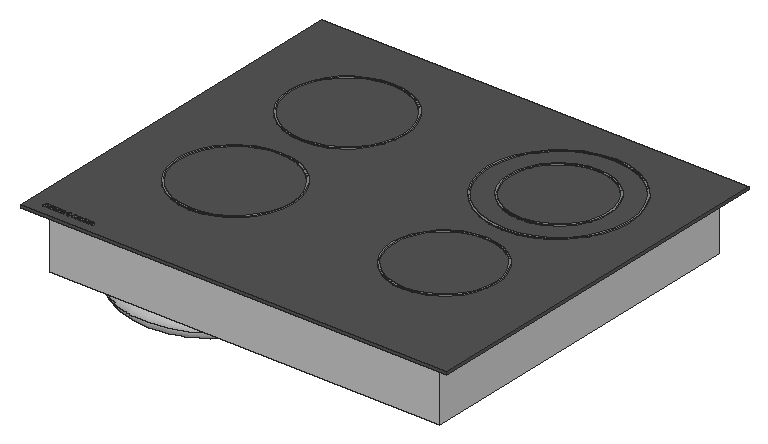
Revit family "FP_Revit_18_CE244DTB1_Cooktop_90000823A", category Specialty Equipment, Revit 2018
Family settings
  Round Connector Dimension = Use Diameter
  Part Type = Normal
  OmniClass Number = 23.40.40.14.17.11
  OmniClass Title = Cookers, Ovens, Stoves
  Work Plane-Based = No
  Always vertical = Yes
  Cut with Voids When Loaded = Yes
  Shared = No
  Room Calculation Point = No
Parameters
  Visibility - Clearance Required = yes
  URL = "www.fisherpaykel.com"
  Product - Width = 600 mm  # constant formula
  Product - Height = 115 mm  # constant formula
  Product - Depth = 530 mm  # constant formula
  Model = "CE244DTB1"
  Material - Graphics = Fisher & Paykel - Graphics Grey
  Material - Cooktop = Fisher & Paykel - Glass, Black
  Material - Body = Fisher & Paykel - Grey
  Manufacturer = "Fisher & Paykel Appliances"
  FFL Offset [instance] = 915 mm
  Description = "24\" Electric Cooktop"
  Connector Note - Electrical = "208 or 240 V, 60 Hz, 22 A or 25 A"
  Clearance - Side Combustible = 55 mm  # constant formula
  Clearance - Rear Combustible = 55 mm  # constant formula
  Clearance - Overhead Rangehood = 650 mm  # constant formula
  Clearance - Overhead Non-Combustible = 610 mm  # constant formula
  Clearance - Overhead Combustible = 762 mm  # constant formula
  Clearance - Below = 115 mm  # constant formula
  Chassis - Width = 549 mm  # constant formula
  Chassis - Height = 79.5 mm  # constant formula
  Chassis - Depth = 490 mm  # constant formula
  Cavity - Width = 555 mm  # constant formula
  Cavity - Height = 110 mm  # constant formula
  Cavity - Depth = 495 mm  # constant formula
Reference planes
  plane 1 "Datum": y = 0
  plane 2: z = 0
  plane 3 "Center (Left/Right)": x = 0
  plane 4 "Product LHS": x = -300
  plane 5 "Product RHS": x = 300
  plane 6 "Product - Depth": y = 530
  plane 7 "Cavity LHS": x = -277.5
  plane 8 "Cavity RHS": x = 277.5
  plane 9 "Chassis - Front": y = 20
  plane 10 "Cavity - Front": y = 17.5
  plane 11 "Cavity - Depth": y = 512.5
  plane 12 "Chassis - Depth": y = 510
  plane 13 "Glass": z = 920
  plane 14 "Countertop": z = 915
  plane 15 "Basepan": z = 835.5
Forms (mm)
  Extrusion 1, solid, material "Fisher & Paykel - Glass, Black" <- "Material - Cooktop"
    sketch origin (0, 0, 0) x (0, 1, 0) y (0, 0, 1)
      loop
        line (0, 920) -> (0, 916) -> (530, 916) -> (530, 920) -> (0, 920)
    from -300 to 300
  Extrusion 2, solid, material "Fisher & Paykel - Clearance Required (Cutout)", visible <- "Visibility - Clearance Required", detail levels coarse
    sketch origin (0, 0, 0) x (1, 0, 0) y (0, 1, 0)
      loop
        line (-277.5, 512.5) -> (-277.5, 17.5) -> (277.5, 17.5) -> (277.5, 512.5) -> (-277.5, 512.5)
    from 805 to 915
  Extrusion 3, solid, material "Fisher & Paykel - Clearance Required (Combustible)", visible <- "Visibility - Clearance Required", detail levels coarse
    sketch origin (0, 0, 0) x (1, 0, 0) y (0, 1, 0)
      loop
        line (300, 0) -> (332.5, 0) -> (332.5, 538.387) -> (-332.5, 538.387) -> (-332.5, 0) -> (-300, 0) -> (-300, 530) -> (300, 530) -> (300, 0)
    from 920 to 1375
  Extrusion 4, solid, material "Fisher & Paykel - Clearance Required (Non-Combustible)", visible <- "Visibility - Clearance Required", detail levels coarse
    sketch origin (0, 0, 0) x (1, 0, 0) y (0, 1, 0)
      loop
        line (-300, 0) -> (300, 0) -> (300, 530) -> (-300, 530) -> (-300, 0)
    from 920 to 1530
  Extrusion 5, solid, material "Fisher & Paykel - Clearance Required (Rangehood)", visible <- "Visibility - Clearance Required", detail levels coarse
    sketch origin (0, 0, 0) x (1, 0, 0) y (0, 1, 0)
      loop
        line (-300, 530) -> (-300, 0) -> (300, 0) -> (300, 530) -> (-300, 530)
    from 1530 to 1682
  Extrusion 6, solid, material "Fisher & Paykel - Grey" <- "Material - Body"
    sketch origin (0, 0, 0) x (0, 1, 0) y (0, 0, 1)
      loop
        line (20, 835.5) -> (510, 835.5) -> (510, 915) -> (20, 915) -> (20, 835.5)
    from -274.5 to 274.5
  Extrusion 7, solid, material "Fisher & Paykel - Grey" <- "Material - Body"
    sketch origin (0, 0, 0) x (1, 0, 0) y (0, 1, 0)
      loop
        line (-290.5, 524.5) -> (-290.5, 5.5) -> (290.5, 5.5) -> (290.5, 524.5) -> (-290.5, 524.5)
    from 915 to 916
  Extrusion 8, solid, material "Fisher & Paykel - Graphics Grey" <- "Material - Graphics", detail levels fine
    sketch origin (0, 0, 0) x (1, 0, 0) y (0, 1, 0)
      loop
        circle (145.763, 188.02) r 73.269
      loop
        circle (145.763, 188.02) r 71.492
      loop
        circle (148.196, 386.629) r 99.946
      loop
        circle (148.196, 386.629) r 97.887
      loop
        circle (148.196, 386.629) r 68.003
      loop
        circle (148.196, 386.629) r 70.147
      loop
        circle (-148.106, 385.013) r 79
      loop
        circle (-148.106, 385.013) r 80.775
      loop
        circle (-148.095, 188.01) r 80.784
      loop
        circle (-148.095, 188.01) r 79
    from 920 to 921
  Extrusion 9, solid, material "Fisher & Paykel - Clearance Required", detail levels coarse
    sketch origin (0, 0, 0) x (1, 0, 0) y (0, 1, 0)
      loop
        line (-277.5, 17.5) -> (277.5, 17.5) -> (277.5, 512.5) -> (-277.5, 512.5) -> (-277.5, 17.5)
    from 800 to 805
  Extrusion 10, void
    sketch origin (0, 0, 0) x (1, 0, 0) y (0, 1, 0)
      loop
        line (-277.5, 512.5) -> (-277.5, 17.5) -> (277.5, 17.5) -> (277.5, 512.5) -> (-277.5, 512.5)
    from 805 to 915
Text (mm)
  text "Due to ongoing product development, product details are subject to change without notice. \nPlease always refer to www.fisherpaykel.com for the most current product information. \n© Fisher & Paykel 2020" at (41.04, -387.478, 0), in view "Ref. Level (Plan)"
Dimensions and locks
  equal spacing: plane 4 "Product LHS", plane 3 "Center (Left/Right)", plane 5 "Product RHS"
  equal spacing: plane 7 "Cavity LHS", plane 3 "Center (Left/Right)", plane 8 "Cavity RHS"
  "Product - Depth": Extrusion 1 to plane 1 "Datum"
  equal spacing: Extrusion 6, plane 3 "Center (Left/Right)", Extrusion 6
  "Clearance - Side Combustible": plane 8 "Cavity RHS" to Extrusion 3
  "Clearance - Side Combustible": Extrusion 3 to plane 7 "Cavity LHS"
  equal spacing: Extrusion 7 sketch curve, plane 3 "Center (Left/Right)", Extrusion 7 sketch curve
  plane 4 "Product LHS" to Extrusion 7 sketch curve = 9.5 mm
  "Product - Width": plane 4 "Product LHS" to plane 5 "Product RHS"
  "Cavity - Width": plane 7 "Cavity LHS" to plane 8 "Cavity RHS"
  "Chassis - Width": Extrusion 6 to Extrusion 6
  plane 1 "Datum" to plane 9 "Chassis - Front" = 20 mm
  plane 6 "Product - Depth" to plane 12 "Chassis - Depth" = 20 mm
  "Cavity - Depth": plane 11 "Cavity - Depth" to plane 10 "Cavity - Front"
  "Chassis - Depth": plane 12 "Chassis - Depth" to plane 9 "Chassis - Front"
  locked: plane 10 "Cavity - Front" to plane 9 "Chassis - Front" at 2.5
  "Chassis - Height": plane 14 "Countertop" to plane 15 "Basepan"
  plane 13 "Glass" to plane 14 "Countertop" = 5 mm
  "FFL Offset": plane 14 "Countertop" to level
  locked: Extrusion 3 to plane 13 "Glass" at 455
  "Clearance - Overhead Non-Combustible": Extrusion 5 to plane 13 "Glass"
  "Clearance - Overhead Combustible": Extrusion 5 to plane 13 "Glass"
  "Cavity - Height": plane 14 "Countertop" to Extrusion 9
  "Clearance - Below": plane 14 "Countertop" to Extrusion 9
  locked: nested 2 to plane 15 "Basepan" at 1.496
  locked: plane 13 "Glass" to Extrusion 1 sketch curve at 4
  locked: Extrusion 8 to plane 13 "Glass" at 1
  locked: nested 1 to plane 13 "Glass" at 0.8
  aligned and locked: level to plane 2
  aligned and locked: Extrusion 1 to plane 5 "Product RHS"
  aligned and locked: plane 4 "Product LHS" to Extrusion 1
  aligned and locked: Extrusion 5 to Extrusion 4
  aligned and locked: Extrusion 3 sketch curve to plane 5 "Product RHS"
  aligned and locked: plane 11 "Cavity - Depth" to Extrusion 2
  aligned and locked: Extrusion 4 to plane 13 "Glass"
  aligned and locked: Extrusion 3 to Extrusion 4
  aligned and locked: plane 14 "Countertop" to Extrusion 2
  aligned and locked: Extrusion 9 to Extrusion 2
  aligned and locked: plane 14 "Countertop" to Extrusion 6 sketch curve
  aligned and locked: Extrusion 6 sketch curve to plane 15 "Basepan"
  aligned and locked: Extrusion 1 sketch curve to plane 13 "Glass"
  aligned and locked: Extrusion 7 to Extrusion 1
  aligned and locked: Extrusion 7 to Extrusion 2
  aligned and locked: Extrusion 8 to Extrusion 1
  aligned and locked: Extrusion 10 to Extrusion 2  (x2)
Automatic sketch dimensions
  Extrusion 1 sketch curve to plane 1 "Datum" = 0 mm
  Extrusion 1 sketch curve to plane 6 "Product - Depth" = 0 mm
  plane 10 "Cavity - Front" to Extrusion 2 sketch curve = 0 mm
  Extrusion 2 sketch curve to plane 11 "Cavity - Depth" = 0 mm
  plane 7 "Cavity LHS" to Extrusion 2 sketch curve = 0 mm
  Extrusion 2 sketch curve to plane 8 "Cavity RHS" = 0 mm
  plane 1 "Datum" to Extrusion 3 sketch curve = 0 mm  (x2)
  Extrusion 3 sketch curve to plane 4 "Product LHS" = 0 mm
  Extrusion 3 sketch curve to plane 6 "Product - Depth" = 0 mm
  plane 6 "Product - Depth" to Extrusion 3 sketch curve = 8.387 mm
  plane 4 "Product LHS" to Extrusion 3 sketch curve = 32.5 mm
  Extrusion 3 sketch curve to plane 5 "Product RHS" = 32.5 mm
  Extrusion 4 sketch curve to plane 4 "Product LHS" = 0 mm
  Extrusion 4 sketch curve to plane 5 "Product RHS" = 0 mm
  plane 1 "Datum" to Extrusion 4 sketch curve = 0 mm
  Extrusion 4 sketch curve to plane 6 "Product - Depth" = 0 mm
  plane 1 "Datum" to Extrusion 5 sketch curve = 0 mm
  Extrusion 5 sketch curve to plane 4 "Product LHS" = 0 mm
  Extrusion 5 sketch curve to plane 5 "Product RHS" = 0 mm
  Extrusion 5 sketch curve to plane 6 "Product - Depth" = 0 mm
  Extrusion 6 sketch curve to plane 9 "Chassis - Front" = 0 mm
  Extrusion 6 sketch curve to plane 12 "Chassis - Depth" = 0 mm
  Extrusion 7 sketch curve to plane 1 "Datum" = 5.5 mm
  Extrusion 7 sketch curve to plane 6 "Product - Depth" = 5.5 mm
  Extrusion 8 sketch curve to Extrusion 8 sketch curve = 0 mm  (x18)
  Extrusion 8 sketch curve to plane 3 "Center (Left/Right)" = 148.106 mm
  Extrusion 8 sketch curve to plane 3 "Center (Left/Right)" = 148.095 mm
  plane 8 "Cavity RHS" to Extrusion 8 sketch curve = 131.737 mm
  plane 8 "Cavity RHS" to Extrusion 8 sketch curve = 129.304 mm
  Extrusion 8 sketch curve to plane 9 "Chassis - Front" = 168.01 mm
  Extrusion 8 sketch curve to plane 9 "Chassis - Front" = 168.02 mm
  Extrusion 8 sketch curve to plane 12 "Chassis - Depth" = 124.987 mm
  Extrusion 8 sketch curve to plane 12 "Chassis - Depth" = 123.371 mm
  Extrusion 9 sketch curve to plane 11 "Cavity - Depth" = 0 mm
  plane 10 "Cavity - Front" to Extrusion 9 sketch curve = 0 mm
  plane 7 "Cavity LHS" to Extrusion 9 sketch curve = 0 mm
  Extrusion 9 sketch curve to plane 8 "Cavity RHS" = 0 mm
  plane 10 "Cavity - Front" to Extrusion 10 sketch curve = 0 mm
  Extrusion 10 sketch curve to plane 11 "Cavity - Depth" = 0 mm
  plane 7 "Cavity LHS" to Extrusion 10 sketch curve = 0 mm
  Extrusion 10 sketch curve to plane 8 "Cavity RHS" = 0 mm
  radius of Extrusion 8 sketch curve = 73.269 mm
  radius of Extrusion 8 sketch curve = 71.492 mm
  radius of Extrusion 8 sketch curve = 99.946 mm
  radius of Extrusion 8 sketch curve = 97.887 mm
  radius of Extrusion 8 sketch curve = 68.003 mm
  radius of Extrusion 8 sketch curve = 70.147 mm
  radius of Extrusion 8 sketch curve = 79 mm  (x2)
  radius of Extrusion 8 sketch curve = 80.775 mm
  radius of Extrusion 8 sketch curve = 80.784 mm
Nested families
  nested 1: "F&P Logo 70mm Horizontal" at (-244.001, 14.253, 920), type "F&P Logo 70mm Horizontal"
  nested 2: "F&P Power Connection Cooktop" at (5.4, 450, 898.996) x (0.7193, 0.6947, 0) z (0, 0, 1), type "F&P Power Connection Cooktop"
Connectors
  electrical at (24.614, 372.521, 816.796), driven by "Connector Note - Electrical"
    settings: on nested 2, index 2, voltage 120 V, apparent load 0 VA, apparent load phase1 0 VA, apparent load phase2 0 VA, apparent load phase3 0 VA, power factor 1, load classification "Other", number of poles 2, system type 30, power factor state 1, is connector primary yes, connector utility no, sub classification motor no, connector description "208 or 240 V, 60 Hz, 22 A or 25 A"
Definition of nested family "F&P Logo 70mm Horizontal"
  Parameters (values of type "F&P Logo 70mm Horizontal")
    URL = "www.fisherpaykel.com"
    Material - Logo = none
    Manufacturer = "Fisher & Paykel Appliances"
  Reference planes
    plane 1 "Center (Front/Back)": y = 0
    plane 2: z = 0
    plane 3 "Center (Left/Right)": x = 0
  Forms (mm)
    Extrusion 1, solid, material <- "Material - Logo", detail levels fine
      sketch origin (0, 0, 0) x (1, 0, 0) y (0, 1, 0)
        loop
          line (-34.997, -0.356) -> (-33.895, -0.356) -> (-33.895, 1.141) -> (-32.174, 1.141) -> (-32.174, 2.075) -> (-33.895, 2.075) -> (-33.895, 2.943) -> (-32.023, 2.943) -> (-32.023, 3.872) -> (-34.997, 3.872) -> (-34.997, -0.356)
        loop
          line (-29.929, 3.872) -> (-29.929, -0.356) -> (-28.828, -0.356) -> (-28.828, 3.872) -> (-29.929, 3.872)
        loop
          line (-21.473, 3.872) -> (-21.473, -0.356) -> (-20.372, -0.356) -> (-20.372, 1.338) -> (-18.754, 1.338) -> (-18.754, -0.356) -> (-17.652, -0.356) -> (-17.652, 3.872) -> (-18.754, 3.872) -> (-18.754, 2.268) -> (-20.372, 2.268) -> (-20.372, 3.872) -> (-21.473, 3.872)
        loop
          line (-15.301, 3.872) -> (-15.301, -0.356) -> (-12.288, -0.356) -> (-12.288, 0.444) -> (-14.209, 0.444) -> (-14.209, 1.338) -> (-12.453, 1.338) -> (-12.453, 2.268) -> (-14.209, 2.268) -> (-14.209, 3.072) -> (-12.288, 3.072) -> (-12.288, 3.872) -> (-15.301, 3.872)
        loop
          line (32, 3.872) -> (32, -0.356) -> (35.003, -0.356) -> (35.003, 0.574) -> (33.102, 0.574) -> (33.102, 3.872) -> (32, 3.872)
        loop
          line (29.735, 3.872) -> (26.712, 3.872) -> (26.712, -0.356) -> (29.735, -0.356) -> (29.735, 0.444) -> (27.814, 0.444) -> (27.814, 1.338) -> (29.57, 1.338) -> (29.57, 2.268) -> (27.814, 2.268) -> (27.814, 3.072) -> (29.735, 3.072) -> (29.735, 3.872)
        loop
          line (23.449, 1.848) -> (25.012, 3.872) -> (23.724, 3.872) -> (22.374, 2.124) -> (22.374, 3.872) -> (21.273, 3.872) -> (21.273, -0.356) -> (22.374, -0.356) -> (22.374, 1.538) -> (23.765, -0.356) -> (25.067, -0.356) -> (23.449, 1.848)
        loop
          line (15.42, 3.872) -> (17.017, 1.338) -> (17.017, -0.356) -> (18.119, -0.356) -> (18.119, 1.283) -> (19.717, 3.872) -> (18.546, 3.872) -> (17.603, 2.239) -> (16.66, 3.872) -> (15.42, 3.872)
        loop
          line (12.969, 3.872) -> (11.922, 3.872) -> (10.2, -0.356) -> (11.282, -0.356) -> (11.585, 0.422) -> (13.278, 0.422) -> (13.581, -0.356) -> (14.69, -0.356) -> (12.969, 3.872)
        loop
          line (12.913, 1.352) -> (12.419, 2.566) -> (11.946, 1.352) -> (12.913, 1.352)
        loop
          line (5.556, 3.872) -> (5.556, -0.356) -> (6.653, -0.356) -> (6.653, 1.001) -> (7.453, 1.001)
          spline (7.453, 1.001) -> (7.884, 1.05) -> (8.285, 1.193) -> (8.63, 1.421) -> (8.895, 1.719) -> (9.061, 2.065) -> (9.118, 2.436) -> (9.061, 2.808) -> (8.895, 3.154) -> (8.63, 3.452) -> (8.285, 3.68) -> (7.884, 3.823) -> (7.453, 3.872)
          line (7.453, 3.872) -> (5.556, 3.872)
        loop
          spline (7.385, 1.882) -> (7.558, 1.9) -> (7.72, 1.953) -> (7.858, 2.037) -> (7.965, 2.147) -> (8.032, 2.275) -> (8.055, 2.412) -> (8.032, 2.55) -> (7.965, 2.677) -> (7.858, 2.787) -> (7.72, 2.872) -> (7.558, 2.924) -> (7.385, 2.943)
          line (7.385, 2.943) -> (6.585, 2.943) -> (6.585, 1.882) -> (7.385, 1.882)
        loop
          line (-8.294, 2.943) -> (-9.094, 2.943) -> (-9.094, 1.781) -> (-8.294, 1.781)
          spline (-8.294, 1.781) -> (-8.121, 1.801) -> (-7.96, 1.859) -> (-7.822, 1.951) -> (-7.716, 2.072) -> (-7.649, 2.212) -> (-7.626, 2.362) -> (-7.649, 2.512) -> (-7.716, 2.652) -> (-7.822, 2.772) -> (-7.96, 2.865) -> (-8.121, 2.923) -> (-8.294, 2.943)
        loop
          line (-8.214, 3.872) -> (-10.262, 3.872) -> (-10.262, -0.356) -> (-9.094, -0.356) -> (-9.094, 0.492) -> (-8.294, 0.492) -> (-7.647, -0.356) -> (-6.373, -0.356) -> (-7.445, 1.016)
          spline (-7.445, 1.016) -> (-7.148, 1.205) -> (-6.902, 1.45) -> (-6.72, 1.739) -> (-6.611, 2.058) -> (-6.58, 2.391) -> (-6.628, 2.723) -> (-6.754, 3.037) -> (-6.95, 3.317) -> (-7.208, 3.551) -> (-7.515, 3.726) -> (-7.856, 3.835) -> (-8.214, 3.872)
        loop
          line (0.368, 2.943) -> (0.368, 3.951) -> (-2.559, 3.951) -> (-2.559, 3.151) -> (-2.048, 2.522)
          spline (-2.048, 2.522) -> (-2.373, 2.187) -> (-2.606, 1.789) -> (-2.731, 1.355) -> (-2.74, 0.914) -> (-2.632, 0.497) -> (-2.414, 0.133) -> (-2.102, -0.155) -> (-1.716, -0.347) -> (-1.283, -0.429) -> (-0.832, -0.395) -> (-0.395, -0.249) -> (0, 0)
          line (0, 0) -> (0.504, -0.621) -> (1.644, -0.621) -> (0.602, 0.712) -> (1.591, 2.137) -> (0.459, 2.137) -> (0.003, 1.48) -> (-1.14, 2.943) -> (0.368, 2.943)
        loop
          spline (-1.353, 1.874) -> (-1.563, 1.673) -> (-1.729, 1.449) -> (-1.839, 1.217) -> (-1.886, 0.992) -> (-1.867, 0.792) -> (-1.783, 0.627) -> (-1.639, 0.511) -> (-1.447, 0.451) -> (-1.218, 0.451) -> (-0.968, 0.512) -> (-0.714, 0.628) -> (-0.475, 0.792)
          line (-0.475, 0.792) -> (-1.353, 1.874)
        loop
          arc (-25.449, 3.004) -> (-24.591, 2.949) -> (-23.808, 2.592) r 2.379
          line (-23.808, 2.592) -> (-23.808, 3.586)
          arc (-23.808, 3.586) -> (-24.619, 3.915) -> (-25.494, 3.936) r 2.437
          arc (-25.494, 3.936) -> (-26.617, 2.99) -> (-26.18, 1.588) r 1.327
          arc (-26.18, 1.588) -> (-25.746, 1.367) -> (-25.276, 1.236) r 2.46
          spline (-25.276, 1.236) -> (-25.124, 1.211) -> (-24.98, 1.158) -> (-24.856, 1.083) -> (-24.761, 0.989) -> (-24.703, 0.886) -> (-24.686, 0.78) -> (-24.713, 0.681) -> (-24.78, 0.596) -> (-24.882, 0.532) -> (-25.011, 0.494) -> (-25.158, 0.485) -> (-25.311, 0.505)
          arc (-25.311, 0.505) -> (-26.045, 0.647) -> (-26.714, 0.98) r 2.761
          line (-26.714, 0.98) -> (-26.714, -0.067)
          arc (-26.714, -0.067) -> (-25.66, -0.377) -> (-24.564, -0.318) r 3.237
          arc (-24.564, -0.318) -> (-23.597, 0.72) -> (-24.205, 2.002) r 1.263
          arc (-24.205, 2.002) -> (-24.834, 2.249) -> (-25.488, 2.42) r 5.78
          spline (-25.488, 2.42) -> (-25.537, 2.449) -> (-25.58, 2.49) -> (-25.615, 2.541) -> (-25.639, 2.6) -> (-25.653, 2.664) -> (-25.654, 2.73) -> (-25.644, 2.795) -> (-25.622, 2.856) -> (-25.59, 2.909) -> (-25.549, 2.953) -> (-25.502, 2.985) -> (-25.449, 3.004)
      from 0 to 0.8
  Dimensions and locks
    Extrusion 1 sketch curve to Extrusion 1 sketch curve = 70 mm
    aligned and locked: level to plane 2
Definition of nested family "F&P Power Connection Cooktop"
  Parameters (values of type "F&P Power Connection Cooktop")
    URL = "www.fisherpaykel.com"
    Model = ""
    Material - Body = none
    Manufacturer = "Fisher & Paykel Appliances"
    Description = ""
  Reference planes
    plane 1 "Center (Front/Back)": y = 0
    plane 2: z = 0
    plane 3 "Center (Left/Right)": x = 0
  Forms (mm)
    Extrusion 1, solid, material <- "Material - Body"
      sketch origin (-399.3, -461.987, 0) x (1, 0, 0) y (0, 1, 0)
        loop
          line (371.3, 470.923) -> (371.3, 477.382)
          arc (371.3, 477.382) -> (365.3, 483.382) -> (359.3, 477.382) r 6
          line (359.3, 477.382) -> (359.3, 470.923) -> (371.3, 470.923)
        loop
          circle (365.3, 477.382) r 2
        loop
          line (371.3, 453.05) -> (359.3, 453.05) -> (359.3, 446.592)
          arc (359.3, 446.592) -> (365.3, 440.592) -> (371.3, 446.592) r 6
          line (371.3, 446.592) -> (371.3, 453.05)
        loop
          circle (365.3, 446.592) r 2
      from -85 to -75
    Revolve 2, solid, material <- "Material - Body"
      sketch origin (-399.3, 0, 0) x (1, 0, 0) y (0, 0, 1)
        loop
          line (359.3, -70.404) -> (359.3, -82.2) -> (411.196, -82.2)
          arc (411.196, -82.2) -> (407.741, -73.859) -> (399.4, -70.404) r 11.796
          line (399.4, -70.404) -> (359.3, -70.404)
        axis (359.3, -82.2) -> (411.196, -82.2)
      angle from 0 to 360
    Revolve 3, solid, material <- "Material - Body"
      sketch origin (-399.3, 0, 0) x (1, 0, 0) y (0, 0, 1)
        loop
          line (410.3, -62) -> (399.3, -62) -> (399.3, -82.2) -> (410.3, -82.2) -> (410.3, -62)
        axis (399.3, -62) -> (399.3, -82.2)
      angle from 0 to 360
    Sweep 4, solid, material <- "Material - Body"
      path origin (-399.3, -461.987, 0) x (1, 0, 0) y (0, 1, 0)
        loop
          line (359.3, 392.906) -> (280.841, 392.906)
          arc (280.841, 392.906) -> (222.158, 372.738) -> (188.271, 320.757) r 95.459
          arc (188.271, 320.757) -> (14.034, 258.449) -> (22.747, 443.286) r 111.355
          arc (22.747, 443.286) -> (55.057, 457.224) -> (89.922, 461.987) r 130
          line (89.922, 461.987) -> (359.3, 461.987)
      profile origin (-174.689, 0, 0) x (0, 1, 0) y (0, 0, 1)
        loop
          circle (0, -82.2) r 11
    Extrusion 5, solid, material <- "Material - Body", detail levels medium+fine
      sketch origin (-170.063, -461.987, 0) x (0, 1, 0) y (0, 0, 1)
        loop
          circle (392.954, -77.981) r 3
        loop
          circle (388.579, -82.669) r 3
        loop
          circle (397.329, -82.669) r 3
        loop
          circle (392.954, -87.356) r 3
      from 160 to 130.063
  Cuts and joins
    joined: Extrusion 1, Revolve 2, Revolve 3
  Text (mm)
    text "Due to ongoing product development, product details are subject to change without notice. \nPlease always refer to www.fisherpaykel.com for the most current product information. \n© Fisher & Paykel 2020" at (41.04, -387.478, 0), in view "Ref. Level (Plan)"
  Dimensions and locks
    aligned and locked: level to plane 2
